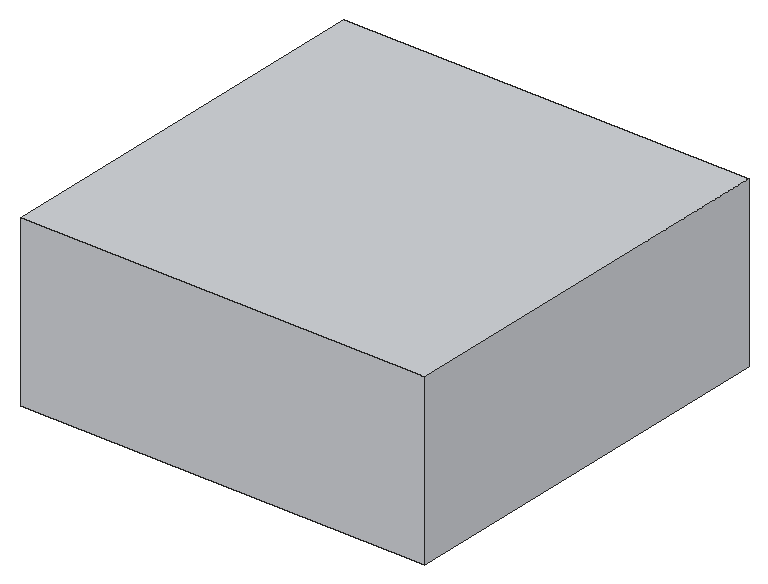
Revit family "head", category Tragwerksstützen, Revit 2018
Family settings
  Querschnittsform = Nicht definiert
  Material für Modellverhalten = Sonstige
  Immer als Geometrie exportieren = Nein
  Trägerkürzung in Plan = Nach Begrenzungsrahmen
  Arbeitsebenenbasiert = Nein
  Beim Laden mit Abzugskörper schneiden = Nein
  Symboldarstellung = Aus Familie
  Gemeinsam genutzt = Nein
  Schnittebene der Familie für Draufsichten verwenden = Ja
Parameters
  Structural Material [instance] = none
  Schnittlinie = 2000 mm
  Kopftiefe = 600 mm
  Kopfhoehe = 250 mm
  Kopfbreite = 600 mm
  KT_ = Kopftiefe / 2  # 300 mm
  KB_ = Kopfbreite / 2  # 300 mm
Reference planes
  plane 1 "Mitte (Vorne/hinten)": y = 0
  plane 2: z = 0
  plane 3 "Mitte (Links/rechts)": x = 0
  plane 4: y = 300
  plane 5: x = -300
  plane 6: y = -300
  plane 7: x = 300
  plane 8: z = -2000
Forms (mm)
  Extrusion 1, solid, material <- "Structural Material", detail levels coarse
    sketch origin (0, 0, 0) x (1, 0, 0) y (0, 1, 0)
      loop
        line (-300, 300) -> (-300, -300) -> (300, -300) -> (300, 300) -> (-300, 300)
    from 0 to 250 <- "Kopfhoehe"
  Extrusion 2, solid, material <- "Structural Material", detail levels medium+fine
    sketch origin (0, 0, 0) x (1, 0, 0) y (0, 1, 0)
      loop
        line (-300, 300) -> (-300, -300) -> (300, -300) -> (300, 300) -> (-300, 300)
    from 0 to 250 <- "Kopfhoehe"
Lines and regions (mm)
  symbolic lines, style "HiddenStructuralColumnLines"
    curve 1: line (-300, 300, 0) -> (300, 300, 0)
    curve 2: line (-300, -300, 0) -> (-300, 300, 0)
    curve 3: line (300, -300, 0) -> (-300, -300, 0)
    curve 4: line (300, 300, 0) -> (300, -300, 0)
  model lines
    curve 5: line (0, 0, -2000) -> (0, 0, 0)
Dimensions and locks
  "KB_": plane 5 to plane 3 "Mitte (Links/rechts)"
  "Kopfbreite": plane 5 to plane 7
  "KT_": plane 4 to plane 1 "Mitte (Vorne/hinten)"
  "Kopftiefe": plane 4 to plane 6
  "Schnittlinie": plane 8 to level
  aligned and locked: level to plane 2
  aligned and locked: Extrusion 1 sketch curve to plane 4
  aligned and locked: plane 5 to Extrusion 1 sketch curve
  aligned and locked: Extrusion 1 sketch curve to plane 7
  aligned and locked: Extrusion 2 sketch curve to plane 4
  aligned and locked: Extrusion 2 sketch curve to plane 7
  aligned and locked: plane 5 to Extrusion 2 sketch curve
  aligned and locked: plane 6 to Extrusion 2 sketch curve
  aligned and locked: curve 1 to Extrusion 1
  aligned and locked: curve 2 to Extrusion 1
  aligned and locked: curve 3 to Extrusion 1
  aligned and locked: curve 4 to Extrusion 1
  aligned and locked: level to curve 5
  aligned and locked: plane 8 to curve 5
  aligned and locked: curve 5 to plane 3 "Mitte (Links/rechts)"
Automatic sketch dimensions
  Extrusion 1 sketch curve to plane 6 = 0 mm
